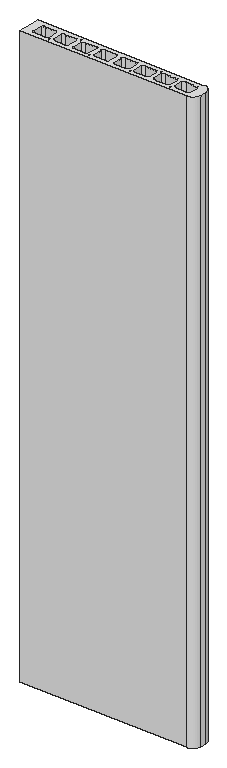
Revit family "ECP_MNFK-7560S6", category Generic Models, Revit 2022
Family settings
  Can host rebar = No
  Round Connector Dimension = Use Diameter
  Part Type = Normal
  Work Plane-Based = No
  Always vertical = Yes
  Cut with Voids When Loaded = Yes
  Maintain Annotation Orientation = No
  Shared = No
  Room Calculation Point = No
Parameters (values of type "ECP_MNFK-7560S6")
  長さ [instance] = 2000 mm
  穴表示 = yes
  材質 = 40Msr_ECP
  Default Elevation = 0 mm
  既存長さ = 610 mm
  幅 [instance] = 600 mm
  固定寸法 = 600 mm
  厚さ = 75 mm
  メースカット非表示 = yes
  メースカット [instance] = 既存長さ - 幅 - 10 mm  # 0 mm
  オースカット非表示 = no
  オースカット = 0 mm
Reference planes
  plane 1 "中心(正面/背面)": y = 0
  plane 2: z = 0
  plane 3 "中心(左/右)": x = 0
  plane 4: y = -37.5
  plane 5: y = 37.5
  plane 6: z = 2000
  plane 7: x = 600
Forms (mm)
  Extrusion 1, solid, material "40Msr_ECP" <- "材質", detail levels fine
    sketch origin (0, 0, 0) x (1, 0, 0) y (0, 1, 0)
      loop
        line (0, -35.5) -> (2, -37.5) -> (572.5, -37.5)
        arc (572.5, -37.5) -> (591.945, -29.446) -> (600, -10) r 27.5
        line (600, -10) -> (600, 10)
        arc (600, 10) -> (591.945, 29.445) -> (572.5, 37.5) r 27.5
        line (572.5, 37.5) -> (2, 37.5) -> (0, 35.5) -> (0, -35.5)
    from 0 to 2000
  Extrusion 2, void
    sketch origin (-50, 0, 0) x (1, 0, 0) y (0, 1, 0)
      loop
        line (650, -37.5) -> (660, -37.5) -> (660, 37.5) -> (650, 37.5) -> (650, -37.5)
    from 0 to 2000
  Extrusion 3, void
    sketch origin (-617, 0, 0) x (1, 0, 0) y (0, 1, 0)
      loop
        line (655, -22.5) -> (695, -22.5) -> (703, -14.5) -> (703, 14.5)
        arc (703, 14.5) -> (700.657, 20.157) -> (695, 22.5) r 8
        line (695, 22.5) -> (655, 22.5)
        arc (655, 22.5) -> (649.343, 20.157) -> (647, 14.5) r 8
        line (647, 14.5) -> (647, -14.5)
        arc (647, -14.5) -> (649.343, -20.157) -> (655, -22.5) r 8
      loop
        line (724, -22.5) -> (764, -22.5)
        arc (764, -22.5) -> (769.657, -20.157) -> (772, -14.5) r 8
        line (772, -14.5) -> (772, 14.5) -> (764, 22.5) -> (724, 22.5)
        arc (724, 22.5) -> (718.343, 20.157) -> (716, 14.5) r 8
        line (716, 14.5) -> (716, -14.5) -> (724, -22.5)
      loop
        line (793, -22.5) -> (833, -22.5) -> (841, -14.5) -> (841, 14.5)
        arc (841, 14.5) -> (838.657, 20.157) -> (833, 22.5) r 8
        line (833, 22.5) -> (793, 22.5) -> (785, 14.5) -> (785, -14.5)
        arc (785, -14.5) -> (787.343, -20.157) -> (793, -22.5) r 8
      loop
        line (862, -22.5) -> (902, -22.5)
        arc (902, -22.5) -> (907.657, -20.157) -> (910, -14.5) r 8
        line (910, -14.5) -> (910, 14.5)
        arc (910, 14.5) -> (907.657, 20.157) -> (902, 22.5) r 8
        line (902, 22.5) -> (862, 22.5)
        arc (862, 22.5) -> (856.343, 20.157) -> (854, 14.5) r 8
        line (854, 14.5) -> (854, -14.5) -> (862, -22.5)
      loop
        circle (709.5, -24.5) r 1.3
      loop
        circle (778.487, 24.5) r 1.3
      loop
        circle (847.5, -24.5) r 1.3
      loop
        circle (985.5, -24.5) r 1.3
      loop
        circle (1054.5, 24.5) r 1.3
      loop
        circle (1123.5, -24.5) r 1.3
      loop
        arc (931, 22.5) -> (925.343, 20.157) -> (923, 14.5) r 8
        line (923, 14.5) -> (923, -14.5)
        arc (923, -14.5) -> (925.343, -20.157) -> (931, -22.5) r 8
        line (931, -22.5) -> (971, -22.5) -> (979, -14.5) -> (979, 14.5)
        arc (979, 14.5) -> (976.657, 20.157) -> (971, 22.5) r 8
        line (971, 22.5) -> (931, 22.5)
      loop
        arc (1000, 22.5) -> (994.343, 20.157) -> (992, 14.5) r 8
        line (992, 14.5) -> (992, -14.5) -> (1000, -22.5) -> (1032.5, -22.5)
        arc (1032.5, -22.5) -> (1043.46, -17.96) -> (1048, -7) r 15.5
        line (1048, -7) -> (1048, 14.5) -> (1040, 22.5) -> (1000, 22.5)
      loop
        line (1069, 22.5) -> (1061, 14.5) -> (1061, -14.5)
        arc (1061, -14.5) -> (1063.343, -20.157) -> (1069, -22.5) r 8
        line (1069, -22.5) -> (1109, -22.5) -> (1117, -14.5) -> (1117, 14.5)
        arc (1117, 14.5) -> (1114.657, 20.157) -> (1109, 22.5) r 8
        line (1109, 22.5) -> (1069, 22.5)
      loop
        arc (1138, 22.5) -> (1132.343, 20.157) -> (1130, 14.5) r 8
        line (1130, 14.5) -> (1130, -14.5) -> (1138, -22.5) -> (1178, -22.5)
        arc (1178, -22.5) -> (1183.657, -20.157) -> (1186, -14.5) r 8
        line (1186, -14.5) -> (1186, 14.5)
        arc (1186, 14.5) -> (1183.657, 20.157) -> (1178, 22.5) r 8
        line (1178, 22.5) -> (1138, 22.5)
    from 0 to 2000
Cuts and joins
  Extrusion 2, Extrusion 3 cuts Extrusion 1
Lines and regions (mm)
  symbolic lines, style "ECPパネル", detail levels coarse+medium
    curve 1: line (0, 37.5, 0) -> (600, 37.5, 0)
    curve 2: line (0, -37.5, 0) -> (0, 37.5, 0)
    curve 3: line (600, -37.5, 0) -> (0, -37.5, 0)
    curve 4: line (600, 37.5, 0) -> (600, -37.5, 0)
    curve 5: line (0, 0, 0) -> (600, 0, 0)
    curve 6: line (0, 0, 2000) -> (0, 0, 0)
    curve 7: line (600, 0, 2000) -> (0, 0, 2000)
    curve 8: line (600, 0, 0) -> (600, 0, 2000)
    curve 9: line (0, -37.5, 2000) -> (0, 37.5, 2000)
    curve 10: line (0, -37.5, 0) -> (0, -37.5, 2000)
    curve 11: line (0, 37.5, 0) -> (0, -37.5, 0)
    curve 12: line (0, 37.5, 2000) -> (0, 37.5, 0)
  model lines, detail levels coarse+medium
    curve 13: line (0, 8, 0) -> (0, -8, 0)
Dimensions and locks
  "厚さ": plane 4 to plane 5
  "長さ": plane 6 to level
  equal spacing: plane 4, plane 1 "中心(正面/背面)", plane 5
  "既存長さ": plane 3 "中心(左/右)" to Extrusion 2
  "既存長さ": plane 3 "中心(左/右)" to Extrusion 2 sketch curve
  "長さ": cut or joined group of Extrusion 1, Extrusion 2, Extrusion 3 to level
  "長さ": Extrusion 2 to level
  "幅": cut or joined group of Extrusion 1, Extrusion 2, Extrusion 3 to curve 8
  "長さ": level to Extrusion 3
  "幅": plane 3 "中心(左/右)" to plane 7
  "メースカット": Extrusion 2 sketch curve to cut or joined group of Extrusion 1, Extrusion 2, Extrusion 3
  "固定寸法": plane 3 "中心(左/右)" to cut or joined group of Extrusion 1, Extrusion 2, Extrusion 3
  aligned and locked: level to plane 2
Automatic sketch dimensions
  curve 11 to level = 0 mm
  curve 11 to plane 4 = 0 mm
  curve 11 to plane 5 = 0 mm
  curve 10 to plane 6 = 0 mm
  curve 7 to plane 3 "中心(左/右)" = 0 mm
  curve 7 to plane 6 = 0 mm
  curve 8 to level = 0 mm
  Extrusion 1 sketch curve to plane 3 "中心(左/右)" = 0 mm
  plane 5 to Extrusion 1 sketch curve = 0 mm
  plane 4 to Extrusion 1 sketch curve = 0 mm
  plane 3 "中心(左/右)" to Extrusion 1 sketch curve = 2 mm  (x2)
  Extrusion 1 sketch curve to plane 4 = 2 mm
  plane 5 to Extrusion 1 sketch curve = 2 mm
  Extrusion 1 sketch curve to Extrusion 1 sketch curve = 570.5 mm
  Extrusion 1 sketch curve to Extrusion 1 sketch curve = 0 mm
  Extrusion 1 sketch curve to plane 1 "中心(正面/背面)" = 10 mm
  Extrusion 3 sketch curve to plane 1 "中心(正面/背面)" = 14.5 mm  (x5)
  plane 3 "中心(左/右)" to Extrusion 3 sketch curve = 30 mm
  Extrusion 3 sketch curve to Extrusion 3 sketch curve = 8 mm  (x27)
  Extrusion 3 sketch curve to Extrusion 3 sketch curve = 40 mm  (x6)
  Extrusion 3 sketch curve to plane 4 = 15 mm  (x6)
  Extrusion 3 sketch curve to plane 4 = 13 mm  (x2)
  Extrusion 3 sketch curve to Extrusion 3 sketch curve = 6.5 mm  (x3)
  Extrusion 3 sketch curve to Extrusion 3 sketch curve = 13 mm  (x6)
  Extrusion 3 sketch curve to Extrusion 3 sketch curve = 14.5 mm  (x5)
  plane 5 to Extrusion 3 sketch curve = 15 mm  (x4)
  plane 1 "中心(正面/背面)" to Extrusion 3 sketch curve = 14.5 mm  (x4)
  Extrusion 3 sketch curve to Extrusion 3 sketch curve = 0 mm  (x8)
  Extrusion 3 sketch curve to Extrusion 3 sketch curve = 6.487 mm
  Extrusion 3 sketch curve to Extrusion 3 sketch curve = 6.513 mm
  plane 1 "中心(正面/背面)" to Extrusion 3 sketch curve = 7 mm
  Extrusion 3 sketch curve to Extrusion 3 sketch curve = 32.5 mm
  Extrusion 3 sketch curve to Extrusion 3 sketch curve = 54.5 mm
  Extrusion 3 sketch curve to Extrusion 3 sketch curve = 2 mm  (x4)
  Extrusion 3 sketch curve to Extrusion 3 sketch curve = 10 mm  (x2)
  plane 4 to Extrusion 2 sketch curve = 0 mm
  plane 5 to Extrusion 2 sketch curve = 0 mm
  curve 1 to plane 3 "中心(左/右)" = 0 mm
  curve 13 to plane 3 "中心(左/右)" = 0 mm
  plane 4 to curve 4 = 0 mm
  curve 4 to plane 7 = 0 mm
  plane 5 to curve 1 = 0 mm
  plane 1 "中心(正面/背面)" to curve 13 = 8 mm
  curve 13 to plane 1 "中心(正面/背面)" = 8 mm
  radius of Extrusion 3 sketch curve = 1.3 mm  (x6)
